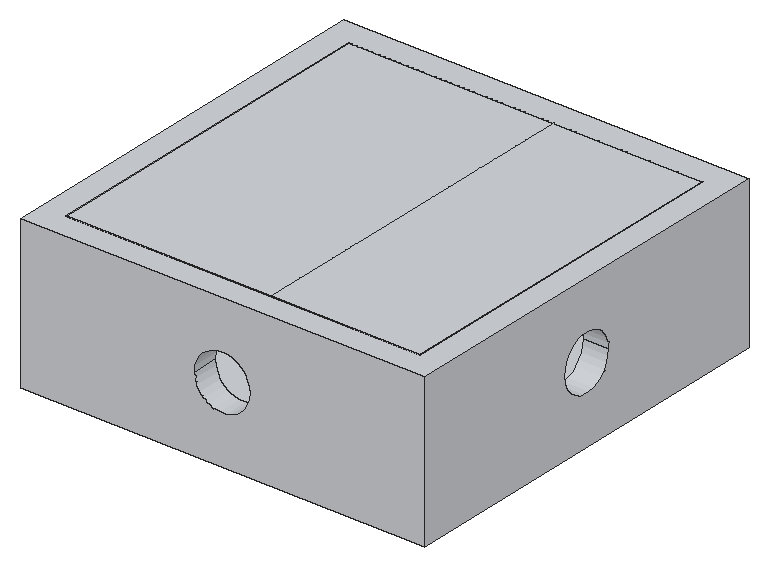
Revit family "MEP_PlumbingFixture_BIMUCSF_CamaraDeInspeccion", category Aparatos sanitarios, Revit 2023
Family settings
  Cota de conector redondo = Usar diámetro
  Tipo de pieza = Normal
  Número OmniClass = 23.45.00.00
  Título OmniClass = Sanitary, Laundry, and Cleaning Equipment
  Se basa en plano de trabajo = No
  Activar corte en vistas = No
  Siempre vertical = Sí
  Corte con vacíos al cargar = No
  Mantener orientación de anotación = No
  Compartido = No
  Punto de cálculo de habitación = No
Parameters
  URL = "bimplace.com.ar"
  Modelo = "Genérico"  # constant formula
  Fabricante = "BIM UCSF"  # constant formula
  Elevación por defecto = 0 mm
  Descripción = "Cámara de Inspección Fontanería 100 x 100 x 30."  # constant formula
Reference planes
  plane 1 "Centro (Frontal/Posterior)": y = 0
  plane 2: z = 0
  plane 3 "Centro (Izquierda/Derecha)": x = 0
  plane 4: z = 150
Forms (mm)
  Extrusion 1, solid
    sketch origin (-260, 0, 0) x (1, 0, 0) y (0, 1, 0)
      loop
        line (-140, 400) -> (-140, -400) -> (660, -400) -> (660, 400) -> (-140, 400)
      loop
        line (-90, -350) -> (610, -350) -> (610, 350) -> (-90, 350) -> (-90, -350)
    from 0 to 300
  Extrusion 2, solid
    sketch origin (0, 0, -150) x (1, 0, 0) y (0, 0, 1)
      loop
        line (55, 200) -> (-350, 200) -> (-350, 150) -> (350, 150) -> (350, 200) -> (55, 200)
    from -350 to 350
  Extrusion 3, solid
    sketch origin (0, 0, 100) x (1, 0, 0) y (0, 0, 1)
      loop
        line (55, 200) -> (-350, 200) -> (-350, 150) -> (350, 150) -> (350, 200) -> (55, 200)
    from -350 to 350
  Extrusion 4, void
    sketch origin (0, 0, 0) x (1, 0, 0) y (0, 0, 1)
      loop
        circle (0, 150) r 55
    from 350 to 400
  Extrusion 5, void
    sketch origin (0, 750, 0) x (1, 0, 0) y (0, 0, 1)
      loop
        circle (0, 150) r 55
    from 350 to 400
  Extrusion 6, void
    sketch origin (0, 0, 0) x (0, -1, 0) y (0, 0, 1)
      loop
        circle (0, 150) r 55
    from 350 to 400
  Extrusion 7, void
    sketch origin (750, 0, 0) x (0, -1, 0) y (0, 0, 1)
      loop
        circle (0, 150) r 55
    from 350 to 400
Cuts and joins
  Extrusion 4, Extrusion 5, Extrusion 6, Extrusion 7 cuts Extrusion 1
Lines and regions (mm)
  model lines
    curve 1: line (-55, 400, 300) -> (-55, -72.511, 300)
    curve 2: line (55, 400, 300) -> (55, -72.511, 300)
    curve 3: arc (-350, -55, 300) -> (-141.403, -141.403, 300) -> (-55, -350, 300) r 295
    curve 4: arc (55, -350, 300) -> (141.403, -141.403, 300) -> (350, -55, 300) r 295
    curve 5: arc (-350, 55, 300) -> (-189.311, 21.758, 300) -> (-55, -72.511, 300) r 405
    curve 6: arc (55, -72.511, 300) -> (189.311, 21.758, 300) -> (350, 55, 300) r 405
    curve 7: line (-55, -350, 300) -> (-55, -400, 300)
    curve 8: line (55, -350, 300) -> (55, -400, 300)
    curve 9: line (-350, -55, 0) -> (-400, -55, 0)
    curve 10: line (-350, 55, 0) -> (-400, 55, 0)
    curve 11: line (350, 55, 0) -> (400, 55, 0)
    curve 12: line (350, -55, 0) -> (400, -55, 0)
    curve 13: line (-350, -55, 300) -> (-400, -55, 300)
    curve 14: line (-350, 55, 300) -> (-400, 55, 300)
    curve 15: line (350, 55, 300) -> (400, 55, 300)
    curve 16: line (350, -55, 300) -> (400, -55, 300)
Dimensions and locks
  aligned and locked: level to plane 2
Connectors
  piping at (400, 0, 150), diameter 110
    settings: on cut or joined group of Extrusion 1, Extrusion 4, Extrusion 5, Extrusion 6, Extrusion 7, index 1, connector inside diameter 609.6 mm, connector length 0 mm, flow factor 0, pipe flow 0.0 L/s, pressure drop 0.0 Pa, fitting loss kfactor 0, connector angle 0.00°, fixture units 0, engagement length 0 mm, angle of deflection 0.00°, flow configuration 0, flow direction 1, fitting loss method 0, system type 16, joint type 0, gender type 0, connector reference index -1, connector utility 0, adjustable connector yes, is connector primary yes, connector description ""
  piping at (0, -400, 150), diameter 110
    settings: on cut or joined group of Extrusion 1, Extrusion 4, Extrusion 5, Extrusion 6, Extrusion 7, index 2, connector inside diameter 609.6 mm, connector length 0 mm, flow factor 0, pipe flow 0.0 L/s, pressure drop 0.0 Pa, fitting loss kfactor 0, connector angle 0.00°, fixture units 0, engagement length 0 mm, angle of deflection 0.00°, flow configuration 0, flow direction 2, fitting loss method 0, system type 16, joint type 0, gender type 0, connector reference index -1, connector utility 0, adjustable connector yes, is connector primary no, connector description ""
  piping at (-400, 0, 150), diameter 110
    settings: on cut or joined group of Extrusion 1, Extrusion 4, Extrusion 5, Extrusion 6, Extrusion 7, index 3, connector inside diameter 609.6 mm, connector length 0 mm, flow factor 0, pipe flow 0.0 L/s, pressure drop 0.0 Pa, fitting loss kfactor 0, connector angle 0.00°, fixture units 0, engagement length 0 mm, angle of deflection 0.00°, flow configuration 0, flow direction 1, fitting loss method 0, system type 16, joint type 0, gender type 0, connector reference index -1, connector utility 0, adjustable connector yes, is connector primary no, connector description ""
  piping at (0, 400, 150), diameter 110
    settings: on cut or joined group of Extrusion 1, Extrusion 4, Extrusion 5, Extrusion 6, Extrusion 7, index 4, connector inside diameter 609.6 mm, connector length 0 mm, flow factor 0, pipe flow 0.0 L/s, pressure drop 0.0 Pa, fitting loss kfactor 0, connector angle 0.00°, fixture units 0, engagement length 0 mm, angle of deflection 0.00°, flow configuration 0, flow direction 1, fitting loss method 0, system type 16, joint type 0, gender type 0, connector reference index -1, connector utility 0, adjustable connector yes, is connector primary no, connector description ""
